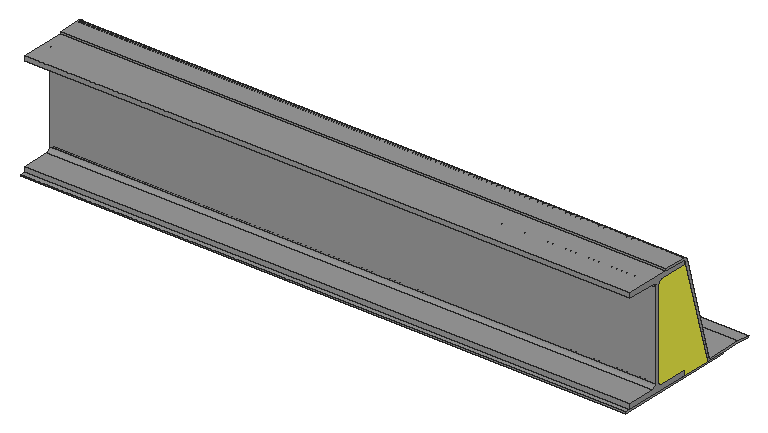
Revit family "XK 110", category Generic Models, Revit 2014
Parameters (values of type "Mx lintel length 6600mm")
  URL = "http://www.keystonelintels.co.uk"
  Structural Opening [instance] = 900 mm
  Structural Performance = "The Keystone lintel range has safe working loads as detailed in each applicable loading table in the Keystone Lintel Guide brochure. The structural performance figures within each table have been ascertained by testing in accordance with the requirements of standards BS EN 5977-2: 1983 and BS EN 845-2: 2003."
  RIBA Productor Selector = "available for Keystone Lintels Ltd from Keystone Lintels Ltd from ribaproductselector.com"
  Model = "X/K 110"
  Min Length = 600 mm
  Min Clear Span = 300 mm
  Max Length = 6600 mm
  Max Clear Span = 6600 mm
  Material - Stainless Steel = "Grade 304 2b 1.4307 to BS EN 10088-2. Other grades available on request: contact manufacturer."
  Material - Galvanised Steel = "To BS EN 10346: 2009. DX51D plus Z600 or grade Z275 to BS 5977-2: 1983 (BS EN 845-2: 2003)."
  Manufacturer = "Keystone"
  Manufactured Length [instance] = (roundup(Effective Length / 150 mm) * 150 mm)  # 1200 mm
  Lintel height [instance] = 2100 mm
  Keynote = "F30/755"
  Fire Performance = "Keystone lintels have been subjected to a fire test (WARRES No. 101263) in accordance with BS 476-20: 1987, at Exova Warrington Fire and achieved a one hour fire performance."
  End Bearing = 150 mm
  Effective Length [instance] = Clear Opening with MIN MAX set + End Bearing * 2  # 1200 mm
  Corrosion = "Keystone’s standard range of lintels are manufactured from high quality grade pre-galvanized carbon steel with a zinc coating of 600"
  Contact Tel = "+44 (0)28 8676 2184"
  Contact Email = "info@keystonelintels.co.uk"
  Clear Opening with MIN MAX set [instance] = if(Structural Opening < Min Clear Span, Min Clear Span, (if(Structural Opening > Max Clear Span, Max Clear Span, Structural Opening)))  # 900 mm
  CPD Information = "Available for Keystone Lintels Ltd from ribacpd.com"
Reference planes
  plane 1 "Center (Front/Back)": y = 0
  plane 2: z = 0
  plane 3 "Center (Left/Right)": x = 0
  plane 4: x = -600
  plane 5: x = 600
  plane 6: z = 2100
  plane 7: x = -450
  plane 8: x = 450
Forms (mm)
  Extrusion 1, solid, material "Steel"
    sketch origin (0, 694.049, -506.841) x (0, 1, 0) y (0, 0, 1)
      loop
        line (-565.537, 2605.979) -> (-565.482, 2609.179) -> (-590.467, 2610.041) -> (-661.369, 2610.041)
        arc (-661.369, 2610.041) -> (-662.459, 2610.409) -> (-663.104, 2611.362) r 1.8
        line (-663.104, 2611.362) -> (-718.825, 2813.026)
        arc (-718.825, 2813.026) -> (-720.688, 2815.779) -> (-723.837, 2816.841) r 5.2
        line (-723.837, 2816.841) -> (-769.537, 2816.841) -> (-769.537, 2813.641) -> (-723.837, 2813.641)
        arc (-723.837, 2813.641) -> (-722.626, 2813.233) -> (-721.909, 2812.174) r 2
        line (-721.909, 2812.174) -> (-666.188, 2610.509)
        arc (-666.188, 2610.509) -> (-664.397, 2607.863) -> (-661.369, 2606.841) r 5
        line (-661.369, 2606.841) -> (-590.522, 2606.841) -> (-565.537, 2605.979)
    from -600 to 600
  Extrusion 2, solid, material "Steel"
    sketch origin (0, 693.802, -506.841) x (0, 1, 0) y (0, 0, 1)
      loop
        line (-724.591, 2616.441) -> (-780.741, 2616.441)
        arc (-780.741, 2616.441) -> (-786.115, 2618.667) -> (-788.341, 2624.041) r 7.6
        line (-788.341, 2624.041) -> (-788.341, 2796.441)
        arc (-788.341, 2796.441) -> (-786.115, 2801.815) -> (-780.741, 2804.041) r 7.6
        line (-780.741, 2804.041) -> (-724.591, 2804.041) -> (-724.591, 2813.641) -> (-858.491, 2813.641) -> (-858.491, 2804.041) -> (-802.341, 2804.041)
        arc (-802.341, 2804.041) -> (-796.967, 2801.815) -> (-794.741, 2796.441) r 7.6
        line (-794.741, 2796.441) -> (-794.741, 2624.041)
        arc (-794.741, 2624.041) -> (-796.967, 2618.667) -> (-802.341, 2616.441) r 7.6
        line (-802.341, 2616.441) -> (-858.491, 2616.441) -> (-858.491, 2606.841) -> (-724.591, 2606.841) -> (-724.591, 2616.441)
    from -600 to 600
  Extrusion 3, solid, material "Steel"
    sketch origin (0, 693.802, -506.841) x (0, 1, 0) y (0, 0, 1)
      loop
        line (-868.491, 2606.841) -> (-868.491, 2603.641) -> (-628.491, 2603.641) -> (-628.491, 2606.841) -> (-868.491, 2606.841)
    from -600 to 600
  Extrusion 4, solid, material "Insulation"
    sketch origin (0, 694.049, -506.841) x (0, 1, 0) y (0, 0, 1)
      loop
        line (-666.188, 2610.509) -> (-721.909, 2812.174)
        arc (-721.909, 2812.174) -> (-722.626, 2813.233) -> (-723.837, 2813.641) r 2
        line (-723.837, 2813.641) -> (-724.591, 2804.041) -> (-780.741, 2804.041)
        arc (-780.741, 2804.041) -> (-786.115, 2801.815) -> (-788.341, 2796.441) r 7.6
        line (-788.341, 2796.441) -> (-788.341, 2624.041)
        arc (-788.341, 2624.041) -> (-786.115, 2618.667) -> (-780.741, 2616.441) r 7.6
        line (-780.741, 2616.441) -> (-724.591, 2616.441) -> (-724.591, 2606.841) -> (-661.369, 2606.841)
        arc (-661.369, 2606.841) -> (-664.397, 2607.863) -> (-666.188, 2610.509) r 5
    from -600 to 600
  Extrusion 5, solid, not visible
    sketch origin (0, 1084.121, 1282.832) x (0, 1, 0) y (0, 0, 1)
      loop
        line (-565.537, 1005.979) -> (-565.482, 1009.179) -> (-590.467, 1010.041) -> (-661.369, 1010.041)
        arc (-661.369, 1010.041) -> (-662.459, 1010.409) -> (-663.104, 1011.362) r 1.8
        line (-663.104, 1011.362) -> (-718.825, 1213.026)
        arc (-718.825, 1213.026) -> (-720.688, 1215.779) -> (-723.837, 1216.841) r 5.2
        line (-723.837, 1216.841) -> (-769.537, 1216.841) -> (-769.537, 1213.641) -> (-723.837, 1213.641)
        arc (-723.837, 1213.641) -> (-722.626, 1213.233) -> (-721.909, 1212.174) r 2
        line (-721.909, 1212.174) -> (-666.188, 1010.509)
        arc (-666.188, 1010.509) -> (-664.397, 1007.863) -> (-661.369, 1006.841) r 5
        line (-661.369, 1006.841) -> (-590.522, 1006.841) -> (-565.537, 1005.979)
    from 0 to 250
  Extrusion 6, solid, not visible
    sketch origin (0, 495.844, 1190.618) x (0, 1, 0) y (0, 0, 1)
      loop
        line (-724.591, 1016.441) -> (-780.741, 1016.441)
        arc (-780.741, 1016.441) -> (-786.115, 1018.667) -> (-788.341, 1024.041) r 7.6
        line (-788.341, 1024.041) -> (-788.341, 1196.441)
        arc (-788.341, 1196.441) -> (-786.115, 1201.815) -> (-780.741, 1204.041) r 7.6
        line (-780.741, 1204.041) -> (-724.591, 1204.041) -> (-724.591, 1213.641) -> (-858.491, 1213.641) -> (-858.491, 1204.041) -> (-802.341, 1204.041)
        arc (-802.341, 1204.041) -> (-796.967, 1201.815) -> (-794.741, 1196.441) r 7.6
        line (-794.741, 1196.441) -> (-794.741, 1024.041)
        arc (-794.741, 1024.041) -> (-796.967, 1018.667) -> (-802.341, 1016.441) r 7.6
        line (-802.341, 1016.441) -> (-858.491, 1016.441) -> (-858.491, 1006.841) -> (-724.591, 1006.841) -> (-724.591, 1016.441)
    from 0 to 250
  Extrusion 7, solid, not visible
    sketch origin (0, 1058.838, 1021.257) x (0, 1, 0) y (0, 0, 1)
      loop
        line (-868.491, 1006.841) -> (-868.491, 1003.641) -> (-628.491, 1003.641) -> (-628.491, 1006.841) -> (-868.491, 1006.841)
    from 0 to 250
  Extrusion 8, solid, not visible
    sketch origin (0, 425.503, 774.347) x (0, 1, 0) y (0, 0, 1)
      loop
        line (-666.188, 1010.509) -> (-721.909, 1212.174)
        arc (-721.909, 1212.174) -> (-722.626, 1213.233) -> (-723.837, 1213.641) r 2
        line (-723.837, 1213.641) -> (-724.591, 1204.041) -> (-780.741, 1204.041)
        arc (-780.741, 1204.041) -> (-786.115, 1201.815) -> (-788.341, 1196.441) r 7.6
        line (-788.341, 1196.441) -> (-788.341, 1024.041)
        arc (-788.341, 1024.041) -> (-786.115, 1018.667) -> (-780.741, 1016.441) r 7.6
        line (-780.741, 1016.441) -> (-724.591, 1016.441) -> (-724.591, 1006.841) -> (-661.369, 1006.841)
        arc (-661.369, 1006.841) -> (-664.397, 1007.863) -> (-666.188, 1010.509) r 5
    from 0 to 250
Dimensions and locks
  equal spacing: plane 4, plane 3 "Center (Left/Right)", plane 5
  "Manufactured Length": plane 4 to plane 5
  "Lintel height": plane 6 to level
  "Structural Opening": plane 7 to plane 8
  equal spacing: plane 7, plane 3 "Center (Left/Right)", plane 8
  aligned and locked: level to plane 2
  aligned and locked: Extrusion 1 to plane 6
  aligned and locked: Extrusion 2 to plane 6
  aligned and locked: Extrusion 4 to plane 6
  aligned and locked: plane 6 to Extrusion 3
  aligned and locked: plane 5 to Extrusion 1
  aligned and locked: Extrusion 1 to plane 4
  aligned and locked: plane 5 to Extrusion 2
  aligned and locked: Extrusion 2 to plane 4
  aligned and locked: plane 5 to Extrusion 4
  aligned and locked: Extrusion 4 to plane 4
  aligned and locked: plane 5 to Extrusion 3
  aligned and locked: Extrusion 3 to plane 4
Automatic sketch dimensions
  Extrusion 1 sketch curve to Extrusion 1 sketch curve = 24.985 mm
  Extrusion 1 sketch curve to Extrusion 1 sketch curve = 0.055 mm  (x2)
  Extrusion 1 sketch curve to Extrusion 1 sketch curve = 0.862 mm
  Extrusion 1 sketch curve to Extrusion 1 sketch curve = 3.2 mm  (x2)
  Extrusion 1 sketch curve to Extrusion 1 sketch curve = 70.847 mm
  Extrusion 1 sketch curve to Extrusion 1 sketch curve = 1.8 mm
  Extrusion 1 sketch curve to Extrusion 1 sketch curve = 4.819 mm
  Extrusion 1 sketch curve to Extrusion 1 sketch curve = 1.735 mm
  Extrusion 1 sketch curve to Extrusion 1 sketch curve = 55.721 mm
  Extrusion 1 sketch curve to Extrusion 1 sketch curve = 201.664 mm
  Extrusion 1 sketch curve to Extrusion 1 sketch curve = 3.084 mm
  Extrusion 1 sketch curve to Extrusion 1 sketch curve = 0.852 mm
  Extrusion 1 sketch curve to Extrusion 1 sketch curve = 1.928 mm
  Extrusion 1 sketch curve to Extrusion 1 sketch curve = 0.533 mm
  Extrusion 1 sketch curve to Extrusion 1 sketch curve = 0 mm  (x8)
  Extrusion 1 sketch curve to Extrusion 1 sketch curve = 45.7 mm
  Extrusion 2 sketch curve to Extrusion 2 sketch curve = 56.15 mm  (x3)
  Extrusion 2 sketch curve to Extrusion 2 sketch curve = 9.6 mm  (x3)
  Extrusion 2 sketch curve to Extrusion 2 sketch curve = 77.75 mm
  Extrusion 2 sketch curve to Extrusion 2 sketch curve = 21.6 mm
  Extrusion 2 sketch curve to Extrusion 2 sketch curve = 7.6 mm  (x4)
  Extrusion 2 sketch curve to Extrusion 2 sketch curve = 172.4 mm
  Extrusion 2 sketch curve to Extrusion 2 sketch curve = 0 mm
  Extrusion 3 sketch curve to Extrusion 3 sketch curve = 240 mm
  Extrusion 3 sketch curve to Extrusion 3 sketch curve = 3.2 mm
  Extrusion 4 sketch curve to Extrusion 4 sketch curve = 7.6 mm  (x3)
  Extrusion 4 sketch curve to Extrusion 4 sketch curve = 56.15 mm  (x2)
  Extrusion 4 sketch curve to Extrusion 4 sketch curve = 0.753 mm
  Extrusion 4 sketch curve to Extrusion 4 sketch curve = 1.928 mm
  Extrusion 4 sketch curve to Extrusion 4 sketch curve = 58.402 mm
  Extrusion 4 sketch curve to Extrusion 4 sketch curve = 4.819 mm
  Extrusion 4 sketch curve to Extrusion 4 sketch curve = 3.668 mm
  Extrusion 4 sketch curve to Extrusion 4 sketch curve = 9.6 mm
  Extrusion 4 sketch curve to Extrusion 4 sketch curve = 172.4 mm
  Extrusion 4 sketch curve to Extrusion 4 sketch curve = 0.533 mm
  Extrusion 5 sketch curve to Extrusion 5 sketch curve = 24.985 mm
  Extrusion 5 sketch curve to Extrusion 5 sketch curve = 0.055 mm  (x2)
  Extrusion 5 sketch curve to Extrusion 5 sketch curve = 0.862 mm
  Extrusion 5 sketch curve to Extrusion 5 sketch curve = 3.2 mm  (x2)
  Extrusion 5 sketch curve to Extrusion 5 sketch curve = 70.847 mm
  Extrusion 5 sketch curve to Extrusion 5 sketch curve = 0 mm  (x8)
  Extrusion 5 sketch curve to Extrusion 5 sketch curve = 1.8 mm
  Extrusion 5 sketch curve to Extrusion 5 sketch curve = 4.819 mm
  Extrusion 5 sketch curve to Extrusion 5 sketch curve = 1.735 mm
  Extrusion 5 sketch curve to Extrusion 5 sketch curve = 55.721 mm
  Extrusion 5 sketch curve to Extrusion 5 sketch curve = 201.664 mm
  Extrusion 5 sketch curve to Extrusion 5 sketch curve = 3.084 mm
  Extrusion 5 sketch curve to Extrusion 5 sketch curve = 0.852 mm
  Extrusion 5 sketch curve to Extrusion 5 sketch curve = 1.928 mm
  Extrusion 5 sketch curve to Extrusion 5 sketch curve = 0.533 mm
  Extrusion 5 sketch curve to Extrusion 5 sketch curve = 45.7 mm
  Extrusion 6 sketch curve to Extrusion 6 sketch curve = 56.15 mm  (x3)
  Extrusion 6 sketch curve to Extrusion 6 sketch curve = 9.6 mm  (x3)
  Extrusion 6 sketch curve to Extrusion 6 sketch curve = 77.75 mm
  Extrusion 6 sketch curve to Extrusion 6 sketch curve = 21.6 mm
  Extrusion 6 sketch curve to Extrusion 6 sketch curve = 7.6 mm  (x4)
  Extrusion 6 sketch curve to Extrusion 6 sketch curve = 172.4 mm
  Extrusion 6 sketch curve to Extrusion 6 sketch curve = 0 mm
  Extrusion 7 sketch curve to Extrusion 7 sketch curve = 240 mm
  Extrusion 7 sketch curve to Extrusion 7 sketch curve = 3.2 mm
  Extrusion 8 sketch curve to Extrusion 8 sketch curve = 7.6 mm  (x3)
  Extrusion 8 sketch curve to Extrusion 8 sketch curve = 56.15 mm  (x2)
  Extrusion 8 sketch curve to Extrusion 8 sketch curve = 0.753 mm
  Extrusion 8 sketch curve to Extrusion 8 sketch curve = 1.928 mm
  Extrusion 8 sketch curve to Extrusion 8 sketch curve = 58.402 mm
  Extrusion 8 sketch curve to Extrusion 8 sketch curve = 4.819 mm
  Extrusion 8 sketch curve to Extrusion 8 sketch curve = 3.668 mm
  Extrusion 8 sketch curve to Extrusion 8 sketch curve = 9.6 mm
  Extrusion 8 sketch curve to Extrusion 8 sketch curve = 172.4 mm
  Extrusion 8 sketch curve to Extrusion 8 sketch curve = 0.533 mm
  Extrusion 4 sketch curve to plane 6 = 0 mm
  plane 1 "Center (Front/Back)" to Extrusion 4 sketch curve = 94.292 mm
  Extrusion 2 sketch curve to plane 6 = 0 mm
  plane 1 "Center (Front/Back)" to Extrusion 2 sketch curve = 164.688 mm
  Extrusion 3 sketch curve to plane 6 = 0 mm
  plane 1 "Center (Front/Back)" to Extrusion 3 sketch curve = 174.688 mm
  Extrusion 1 sketch curve to plane 6 = 0 mm
  plane 1 "Center (Front/Back)" to Extrusion 1 sketch curve = 75.488 mm
